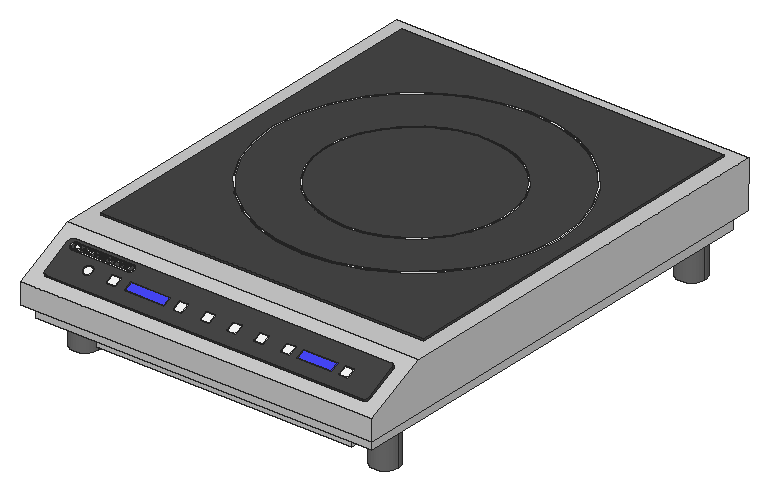
Revit family "QF_ADVENTYS_BRIC_3600_250901092752", category Specialty Equipment, Revit 2021
Family settings
  Round Connector Dimension = Use Diameter
  Part Type = Normal
  OmniClass Number = 23.40.40.14
  OmniClass Title = Food Service Equipment
  Work Plane-Based = No
  Always vertical = Yes
  Cut with Voids When Loaded = No
  Shared = No
  Room Calculation Point = No
Parameters (values of type "ADV2143")
  Weight in Pounds [instance] = 0
  Weight = 8.00 kg
  Warranty Start Date [instance] = ""
  Warranty Duration [instance] = ""
  Volts [instance] = 230 V
  URL Recommended Spares List = ""
  URL Manufacturer = ""
  URL Cutsheet = ""
  URL Critical Spares List = ""
  URL = "www.adventys.com"
  Tag Number [instance] = ""
  Status [instance] = ""
  Specification by User [instance] = ""
  Specification by Manufacturer [instance] = ""
  Sound Level [instance] = ""
  Solid Fuel Type [instance] = ""
  Service Life Duration [instance] = ""
  Serial Number [instance] = ""
  Seismic Rating [instance] = ""
  SMACNA No [instance] = ""
  Revision Code [instance] = ""
  Revision [instance] = ""
  Production Year [instance] = ""
  Point Load [instance] = 0
  Phase [instance] = 1
  Other Equipment Approvals [instance] = ""
  Number of Poles [instance] = 2
  NAFEM Spec ID Number [instance] = ""
  Model Warning [instance] = ""
  Model = "BRIC 3600"
  Min Ckt Ampacity [instance] = 0 A
  Max Overcurrent Protection [instance] = 25 A
  Masterspec [instance] = ""
  Manufacturer = "ADVENTYS"
  Length Actual = 392 mm
  Item Number [instance] = ""
  Installed By [instance] = ""
  Installation Date [instance] = ""
  Identify Quantity as Lot [instance] = no
  ID [instance] = ""
  Hygiene Approval [instance] = ""
  Hot Water Consumption = 0.0 L/s
  Height Actual = 110 mm
  HP power [instance] = ""
  Furnished By [instance] = ""
  Foodservice Equipment Identifier [instance] = no
  FL Amps [instance] = 16 A
  Electrical Remarks [instance] = "Plug not included"
  Electric power [instance] = 0 W
  Electric Connection Type [instance] = "Cord&Plug"
  Elec Conn RI Height [instance] = 0 mm
  Elec Conn Connection Height [instance] = 0 mm
  ETL Approved [instance] = no
  Description = "COUNTERTOP INDUCTION - 1 ZONE BRIC"
  Depth Actual = 526 mm
  Default Elevation = 0 mm
  Cycle [instance] = 50 Hz
  Cost = 0
  Conn Plug [instance] = ""
  Conn Conduit [instance] = no
  CSI MasterFormat [instance] = ""
  CE Approved [instance] = no
  Barcode [instance] = 0
  Author [instance] = ""
  Asset Identifier [instance] = ""
  Apparent Power [instance] = 3600 VA
  Accessory = no
Reference planes
  plane 1 "Center (Front/Back)": y = 0
  plane 2: z = 0
  plane 3 "Center (Left/Right)": x = 0
Forms (mm)
  Extrusion 1, solid, not visible
    sketch origin (306.015, -65.003, 33.002) x (1, 0, 0) y (0, 1, 0)
      loop
        line (-2, 2) -> (-2, -2) -> (2, -2) -> (2, 2) -> (-2, 2)
    from -2 to 2
Dimensions and locks
  locked: nested 2 to Extrusion 1 at 2  (x2)
  aligned and locked: level to plane 2
Nested families
  nested 1: "QF_ADVENTYS_ADV2142_2916" at (0, 0, 0), type "ADV2143"
    with Status "", Show Logo yes, Show Clearance yes
  nested 2: "CONN_POINT_ELE_2D___Generic_Annotation" at (306.015, -65.003, 31.002), type "CONN_POINT_ELE_2D___Generic_Annotation"
    with Onboard connection annotation symbol visibility yes
Connectors
  electrical at (306.015, -65.003, 31.002), driven by "Apparent Power", driven by "Number of Poles", driven by "Volts"
    settings: on Extrusion 1, index 1, voltage 230 V, apparent load 0 VA, apparent load phase1 3600 VA, apparent load phase2 0 VA, apparent load phase3 0 VA, power factor 1, load classification "Other", number of poles 2, system type 31, power factor state 1, is connector primary yes, connector utility no, sub classification motor no, connector description "Electrical connection for BRIC 3600"
Definition of nested family "QF_ADVENTYS_ADV2142_2916"
  Parameters (values of type "ADV2142")
    URL = "www.adventys.com"
    Status [instance] = ""
    Show Logo [instance] = yes
    Show Clearance [instance] = yes
    Model = "BRIC 3000"
    Manufacturer = "ADVENTYS"
    Description = "COUNTERTOP INDUCTION - 1 ZONE BRIC"
    Default Elevation = 0 mm
    Author = "SPECIFI"
    Assembly Code = "E1090320"
  Types (2, lengths in mm): name | Model
    ADV2142 | "BRIC 3000"
    ADV2143 | "BRIC 3600"
  Reference planes
    plane 1 "Back": y = 0
    plane 2: z = 0
    plane 3 "Left": x = 0
    plane 4 "Right": x = 392
    plane 5 "Front": y = -526
    plane 6 "Top": z = 110
  Forms (mm)
    Extrusion 1, solid
      sketch origin (0, 0, -883.509) x (1, 0, 0) y (0, 0, 1)
        loop
          line (8.753, 936.477) -> (8.753, 921.477) -> (385, 921.477) -> (385, 936.477) -> (8.753, 936.477)
      from 12.896 to 516
    Extrusion 2, solid
      sketch origin (100, 2.5, 12.991) x (1, 0, 0) y (0, 1, 0)
        loop
          circle (-70.046, -475.644) r 15
      from -12.991 to 24.977
    Extrusion 3, solid
      sketch origin (435, 2.5, 12.991) x (1, 0, 0) y (0, 1, 0)
        loop
          circle (-70.046, -475.644) r 15
      from -12.991 to 24.977
    Extrusion 4, solid
      sketch origin (435, 430, 12.991) x (1, 0, 0) y (0, 1, 0)
        loop
          circle (-70.046, -475.644) r 15
      from -12.991 to 24.977
    Extrusion 5, solid
      sketch origin (100, 430, 12.991) x (1, 0, 0) y (0, 1, 0)
        loop
          circle (-70.046, -475.644) r 15
      from -12.991 to 24.977
    Extrusion 6, solid
      sketch origin (0, 0, 12.991) x (1, 0, 0) y (0, 1, 0)
        loop
          line (15, -12.896) -> (15, -431.9) -> (375, -431.9) -> (375, -12.896) -> (15, -12.896)
      from 93.652 to 96
    Extrusion 7, solid
      sketch origin (0, 0, -891.009) x (0, 1, 0) y (0, 0, 1)
        loop
          line (-526, 967.017) -> (-526, 944) -> (0, 944) -> (0, 997.652) -> (-460.303, 997.652) -> (-526, 967.017)
      from 0 to 392
    Extrusion 8, solid
      sketch origin (0, 0, -891.009) x (1, 0, 0) y (0, 0, 1)
        loop
          line (55, 928.977) -> (55, 904) -> (340, 904) -> (340, 928.977) -> (55, 928.977)
      from 457.474 to 488.195
    Extrusion 9, solid
      sketch origin (0, 0, -891.009) x (0, 1, 0) y (0, 0, 1)
        loop
          line (-200.3, 928.977) -> (-200.3, 923.977) -> (-95.3, 923.977) -> (-95.3, 928.977) -> (-200.3, 928.977)
      from 55 to 340
    Extrusion 10, solid
      sketch origin (0, 0, -891.009) x (0, 1, 0) y (0, 0, 1)
        loop
          line (-80.3, 928.977) -> (-80.3, 923.977) -> (-50.3, 923.977) -> (-50.3, 928.977) -> (-80.3, 928.977)
      from 55 to 340
    Extrusion 11, solid
      sketch origin (-2.5, 5, 108.991) x (1, 0, 0) y (0, 1, 0)
        loop
          circle (198.23, -224.602) r 100
        loop
          circle (198.23, -224.602) r 99.375
      from 0 to 0.409
    Extrusion 12, solid
      sketch origin (0, 0, 108.991) x (1, 0, 0) y (0, 1, 0)
        loop
          circle (197.284, -219.602) r 160
        loop
          circle (197.284, -219.602) r 159.217
      from 0 to 1.009
    Extrusion 13, solid
      sketch origin (517.5, 23.75, 108.991) x (1, 0, 0) y (0, 1, 0)
        loop
          circle (-210.822, -88.987) r 15
      from -78.091 to -71.023
    Extrusion 14, solid
      sketch origin (41, -119.562, 107.771) x (1, 0, 0) y (0, 0.906286, 0.422665)
        loop
          arc (-21, -323.032) -> (-24.536, -324.496) -> (-26, -328.032) r 5
          line (-26, -328.032) -> (-26, -363.032)
          arc (-26, -363.032) -> (-24.536, -366.568) -> (-21, -368.032) r 5
          line (-21, -368.032) -> (331, -368.032)
          arc (331, -368.032) -> (334.536, -366.568) -> (336, -363.032) r 5
          line (336, -363.032) -> (336, -328.032)
          arc (336, -328.032) -> (334.536, -324.496) -> (331, -323.032) r 5
          line (331, -323.032) -> (-21, -323.032)
        loop
          circle (10.799, -348.029) r 5
        loop
          line (34.385, -344.032) -> (34.385, -352.032)
          arc (34.385, -352.032) -> (34.678, -352.739) -> (35.385, -353.032) r 1
          line (35.385, -353.032) -> (43.385, -353.032)
          arc (43.385, -353.032) -> (44.092, -352.739) -> (44.385, -352.032) r 1
          line (44.385, -352.032) -> (44.385, -344.032)
          arc (44.385, -344.032) -> (44.092, -343.325) -> (43.385, -343.032) r 1
          line (43.385, -343.032) -> (35.385, -343.032)
          arc (35.385, -343.032) -> (34.678, -343.325) -> (34.385, -344.032) r 1
        loop
          line (109.385, -344.032) -> (109.385, -352.032)
          arc (109.385, -352.032) -> (109.678, -352.739) -> (110.385, -353.032) r 1
          line (110.385, -353.032) -> (118.385, -353.032)
          arc (118.385, -353.032) -> (119.092, -352.739) -> (119.385, -352.032) r 1
          line (119.385, -352.032) -> (119.385, -344.032)
          arc (119.385, -344.032) -> (119.092, -343.325) -> (118.385, -343.032) r 1
          line (118.385, -343.032) -> (110.385, -343.032)
          arc (110.385, -343.032) -> (109.678, -343.325) -> (109.385, -344.032) r 1
        loop
          line (139.385, -344.032) -> (139.385, -352.032)
          arc (139.385, -352.032) -> (139.678, -352.739) -> (140.385, -353.032) r 1
          line (140.385, -353.032) -> (148.385, -353.032)
          arc (148.385, -353.032) -> (149.092, -352.739) -> (149.385, -352.032) r 1
          line (149.385, -352.032) -> (149.385, -344.032)
          arc (149.385, -344.032) -> (149.092, -343.325) -> (148.385, -343.032) r 1
          line (148.385, -343.032) -> (140.385, -343.032)
          arc (140.385, -343.032) -> (139.678, -343.325) -> (139.385, -344.032) r 1
        loop
          line (169.385, -344.032) -> (169.385, -352.032)
          arc (169.385, -352.032) -> (169.678, -352.739) -> (170.385, -353.032) r 1
          line (170.385, -353.032) -> (178.385, -353.032)
          arc (178.385, -353.032) -> (179.092, -352.739) -> (179.385, -352.032) r 1
          line (179.385, -352.032) -> (179.385, -344.032)
          arc (179.385, -344.032) -> (179.092, -343.325) -> (178.385, -343.032) r 1
          line (178.385, -343.032) -> (170.385, -343.032)
          arc (170.385, -343.032) -> (169.678, -343.325) -> (169.385, -344.032) r 1
        loop
          line (199.385, -344.032) -> (199.385, -352.032)
          arc (199.385, -352.032) -> (199.678, -352.739) -> (200.385, -353.032) r 1
          line (200.385, -353.032) -> (208.385, -353.032)
          arc (208.385, -353.032) -> (209.092, -352.739) -> (209.385, -352.032) r 1
          line (209.385, -352.032) -> (209.385, -344.032)
          arc (209.385, -344.032) -> (209.092, -343.325) -> (208.385, -343.032) r 1
          line (208.385, -343.032) -> (200.385, -343.032)
          arc (200.385, -343.032) -> (199.678, -343.325) -> (199.385, -344.032) r 1
        loop
          line (229.385, -344.032) -> (229.385, -352.032)
          arc (229.385, -352.032) -> (229.678, -352.739) -> (230.385, -353.032) r 1
          line (230.385, -353.032) -> (238.385, -353.032)
          arc (238.385, -353.032) -> (239.092, -352.739) -> (239.385, -352.032) r 1
          line (239.385, -352.032) -> (239.385, -344.032)
          arc (239.385, -344.032) -> (239.092, -343.325) -> (238.385, -343.032) r 1
          line (238.385, -343.032) -> (230.385, -343.032)
          arc (230.385, -343.032) -> (229.678, -343.325) -> (229.385, -344.032) r 1
        loop
          line (294.385, -344.032) -> (294.385, -352.032)
          arc (294.385, -352.032) -> (294.678, -352.739) -> (295.385, -353.032) r 1
          line (295.385, -353.032) -> (303.385, -353.032)
          arc (303.385, -353.032) -> (304.092, -352.739) -> (304.385, -352.032) r 1
          line (304.385, -352.032) -> (304.385, -344.032)
          arc (304.385, -344.032) -> (304.092, -343.325) -> (303.385, -343.032) r 1
          line (303.385, -343.032) -> (295.385, -343.032)
          arc (295.385, -343.032) -> (294.678, -343.325) -> (294.385, -344.032) r 1
        loop
          line (247.896, -343.032) -> (247.896, -353.032) -> (285.857, -353.032) -> (285.857, -343.032) -> (247.896, -343.032)
        loop
          line (55.396, -343.032) -> (55.396, -353.032) -> (98.982, -353.032) -> (98.982, -343.032) -> (55.396, -343.032)
      from 143 to 145
    Extrusion 15, solid
      sketch origin (41, -119.562, 107.771) x (1, 0, 0) y (0, 0.906286, 0.422665)
        loop
          circle (10.635, -348.032) r 5
        loop
          arc (35.385, -343.032) -> (34.678, -343.325) -> (34.385, -344.032) r 1
          line (34.385, -344.032) -> (34.385, -352.032)
          arc (34.385, -352.032) -> (34.678, -352.739) -> (35.385, -353.032) r 1
          line (35.385, -353.032) -> (43.385, -353.032)
          arc (43.385, -353.032) -> (44.092, -352.739) -> (44.385, -352.032) r 1
          line (44.385, -352.032) -> (44.385, -344.032)
          arc (44.385, -344.032) -> (44.092, -343.325) -> (43.385, -343.032) r 1
          line (43.385, -343.032) -> (35.385, -343.032)
        loop
          arc (110.385, -343.032) -> (109.678, -343.325) -> (109.385, -344.032) r 1
          line (109.385, -344.032) -> (109.385, -352.032)
          arc (109.385, -352.032) -> (109.678, -352.739) -> (110.385, -353.032) r 1
          line (110.385, -353.032) -> (118.385, -353.032)
          arc (118.385, -353.032) -> (119.092, -352.739) -> (119.385, -352.032) r 1
          line (119.385, -352.032) -> (119.385, -344.032)
          arc (119.385, -344.032) -> (119.092, -343.325) -> (118.385, -343.032) r 1
          line (118.385, -343.032) -> (110.385, -343.032)
        loop
          arc (140.385, -343.032) -> (139.678, -343.325) -> (139.385, -344.032) r 1
          line (139.385, -344.032) -> (139.385, -352.032)
          arc (139.385, -352.032) -> (139.678, -352.739) -> (140.385, -353.032) r 1
          line (140.385, -353.032) -> (148.385, -353.032)
          arc (148.385, -353.032) -> (149.092, -352.739) -> (149.385, -352.032) r 1
          line (149.385, -352.032) -> (149.385, -344.032)
          arc (149.385, -344.032) -> (149.092, -343.325) -> (148.385, -343.032) r 1
          line (148.385, -343.032) -> (140.385, -343.032)
        loop
          arc (170.385, -343.032) -> (169.678, -343.325) -> (169.385, -344.032) r 1
          line (169.385, -344.032) -> (169.385, -352.032)
          arc (169.385, -352.032) -> (169.678, -352.739) -> (170.385, -353.032) r 1
          line (170.385, -353.032) -> (178.385, -353.032)
          arc (178.385, -353.032) -> (179.092, -352.739) -> (179.385, -352.032) r 1
          line (179.385, -352.032) -> (179.385, -344.032)
          arc (179.385, -344.032) -> (179.092, -343.325) -> (178.385, -343.032) r 1
          line (178.385, -343.032) -> (170.385, -343.032)
        loop
          arc (200.385, -343.032) -> (199.678, -343.325) -> (199.385, -344.032) r 1
          line (199.385, -344.032) -> (199.385, -352.032)
          arc (199.385, -352.032) -> (199.678, -352.739) -> (200.385, -353.032) r 1
          line (200.385, -353.032) -> (208.385, -353.032)
          arc (208.385, -353.032) -> (209.092, -352.739) -> (209.385, -352.032) r 1
          line (209.385, -352.032) -> (209.385, -344.032)
          arc (209.385, -344.032) -> (209.092, -343.325) -> (208.385, -343.032) r 1
          line (208.385, -343.032) -> (200.385, -343.032)
        loop
          arc (230.385, -343.032) -> (229.678, -343.325) -> (229.385, -344.032) r 1
          line (229.385, -344.032) -> (229.385, -352.032)
          arc (229.385, -352.032) -> (229.678, -352.739) -> (230.385, -353.032) r 1
          line (230.385, -353.032) -> (238.385, -353.032)
          arc (238.385, -353.032) -> (239.092, -352.739) -> (239.385, -352.032) r 1
          line (239.385, -352.032) -> (239.385, -344.032)
          arc (239.385, -344.032) -> (239.092, -343.325) -> (238.385, -343.032) r 1
          line (238.385, -343.032) -> (230.385, -343.032)
        loop
          arc (295.385, -343.032) -> (294.678, -343.325) -> (294.385, -344.032) r 1
          line (294.385, -344.032) -> (294.385, -352.032)
          arc (294.385, -352.032) -> (294.678, -352.739) -> (295.385, -353.032) r 1
          line (295.385, -353.032) -> (303.385, -353.032)
          arc (303.385, -353.032) -> (304.092, -352.739) -> (304.385, -352.032) r 1
          line (304.385, -352.032) -> (304.385, -344.032)
          arc (304.385, -344.032) -> (304.092, -343.325) -> (303.385, -343.032) r 1
          line (303.385, -343.032) -> (295.385, -343.032)
      from 143 to 145
    Extrusion 16, solid, visible <- "Show Logo"
      sketch origin (-63.557, -21.21, 118.584) x (1, 0, 0) y (0, 0.906286, 0.422665)
        loop
          arc (88.581, -421.313) -> (88.113, -421.507) -> (87.92, -421.974) r 0.661
          line (87.92, -421.974) -> (87.92, -423.61)
          arc (87.92, -423.61) -> (88.124, -424.087) -> (88.609, -424.27) r 0.661
          line (88.609, -424.27) -> (88.609, -423.032)
          arc (88.609, -423.032) -> (88.952, -422.351) -> (89.662, -422.077) r 1.058
          line (89.662, -422.077) -> (92.486, -422.077)
          arc (92.486, -422.077) -> (92.335, -421.544) -> (91.833, -421.313) r 0.661
          line (91.833, -421.313) -> (88.581, -421.313)
        loop
          arc (88.581, -420.916) -> (87.833, -421.226) -> (87.523, -421.974) r 1.058
          line (87.523, -421.974) -> (87.523, -423.61)
          arc (87.523, -423.61) -> (87.843, -424.368) -> (88.609, -424.667) r 1.058
          arc (88.609, -424.667) -> (88.88, -425.483) -> (89.667, -425.828) r 1.058
          arc (89.667, -425.828) -> (89.974, -426.583) -> (90.725, -426.896) r 1.058
          line (90.725, -426.896) -> (93.719, -426.896)
          arc (93.719, -426.896) -> (94.467, -426.586) -> (94.777, -425.838) r 1.058
          line (94.777, -425.838) -> (94.777, -424.306)
          arc (94.777, -424.306) -> (94.463, -423.554) -> (93.708, -423.248) r 1.058
          arc (93.708, -423.248) -> (93.515, -422.517) -> (92.883, -422.101) r 1.058
          arc (92.883, -422.101) -> (92.625, -421.273) -> (91.833, -420.916) r 1.058
          line (91.833, -420.916) -> (88.581, -420.916)
        loop
          arc (93.719, -426.499) -> (94.187, -426.306) -> (94.38, -425.838) r 0.661
          line (94.38, -425.838) -> (94.38, -424.306)
          arc (94.38, -424.306) -> (94.185, -423.837) -> (93.714, -423.645) r 0.661
          line (93.714, -423.645) -> (93.714, -424.77)
          arc (93.714, -424.77) -> (93.404, -425.518) -> (92.656, -425.828) r 1.058
          line (92.656, -425.828) -> (90.064, -425.828)
          arc (90.064, -425.828) -> (90.254, -426.302) -> (90.725, -426.499) r 0.661
          line (90.725, -426.499) -> (93.719, -426.499)
        loop
          arc (95.546, -425.156) -> (95.587, -425.684) -> (96.116, -425.67) r 0.384
          line (96.116, -425.67) -> (96.845, -424.94) -> (99.743, -424.94) -> (100.472, -425.67)
          arc (100.472, -425.67) -> (101.001, -425.684) -> (101.042, -425.156) r 0.384
          line (101.042, -425.156) -> (98.294, -421.762) -> (95.546, -425.156)
        loop
          line (98.294, -423.127) -> (97.364, -424.275) -> (99.224, -424.275) -> (98.294, -423.127)
        loop
          line (102.315, -421.827) -> (102.315, -425.732) -> (105.995, -425.732)
          arc (105.995, -425.732) -> (107.947, -423.78) -> (105.995, -421.827) r 1.953
          line (105.995, -421.827) -> (102.315, -421.827)
        loop
          line (105.995, -422.854) -> (103.343, -422.854) -> (103.343, -424.705) -> (105.995, -424.705)
          arc (105.995, -424.705) -> (106.92, -423.78) -> (105.995, -422.854) r 0.925
        loop
          arc (109.84, -422.053) -> (109.312, -422.039) -> (109.27, -422.566) r 0.384
          line (109.27, -422.566) -> (112.019, -425.961) -> (114.767, -422.566)
          arc (114.767, -422.566) -> (114.725, -422.039) -> (114.197, -422.053) r 0.384
          line (114.197, -422.053) -> (112.019, -424.743) -> (109.84, -422.053)
        loop
          line (121.269, -421.781) -> (116.07, -421.781) -> (116.07, -425.732) -> (121.269, -425.732)
          arc (121.269, -425.732) -> (121.671, -425.331) -> (121.269, -424.93) r 0.401
          line (121.269, -424.93) -> (116.972, -424.93) -> (116.972, -424.139) -> (121.269, -424.139)
          arc (121.269, -424.139) -> (121.633, -423.775) -> (121.269, -423.412) r 0.363
          line (121.269, -423.412) -> (116.972, -423.412) -> (116.972, -422.583) -> (121.269, -422.583)
          arc (121.269, -422.583) -> (121.671, -422.182) -> (121.269, -421.781) r 0.401
        loop
          line (122.879, -422.331) -> (122.879, -425.274)
          arc (122.879, -425.274) -> (123.306, -425.701) -> (123.733, -425.274) r 0.427
          line (123.733, -425.274) -> (123.733, -423.122) -> (127.538, -425.5)
          arc (127.538, -425.5) -> (128.155, -425.516) -> (128.468, -424.984) r 0.608
          line (128.468, -424.984) -> (128.468, -422.254)
          arc (128.468, -422.254) -> (128.018, -421.804) -> (127.568, -422.254) r 0.45
          line (127.568, -422.254) -> (127.568, -424.337) -> (123.663, -421.897)
          arc (123.663, -421.897) -> (123.143, -421.883) -> (122.879, -422.331) r 0.513
        loop
          arc (130.273, -421.857) -> (129.778, -422.352) -> (130.273, -422.846) r 0.494
          line (130.273, -422.846) -> (132.065, -422.846) -> (132.065, -425.082)
          arc (132.065, -425.082) -> (132.54, -425.558) -> (133.016, -425.082) r 0.475
          line (133.016, -425.082) -> (133.016, -422.846) -> (134.724, -422.846)
          arc (134.724, -422.846) -> (135.218, -422.352) -> (134.724, -421.857) r 0.494
          line (134.724, -421.857) -> (130.273, -421.857)
        loop
          line (139.461, -423.175) -> (137.5, -421.853)
          arc (137.5, -421.853) -> (136.836, -421.982) -> (136.965, -422.646) r 0.479
          line (136.965, -422.646) -> (138.926, -423.969) -> (138.926, -425.108)
          arc (138.926, -425.108) -> (139.461, -425.643) -> (139.997, -425.108) r 0.535
          line (139.997, -425.108) -> (139.997, -423.969) -> (141.958, -422.646)
          arc (141.958, -422.646) -> (142.087, -421.982) -> (141.423, -421.853) r 0.479
          line (141.423, -421.853) -> (139.461, -423.175)
        loop
          line (148.501, -421.857) -> (144.795, -421.857)
          arc (144.795, -421.857) -> (143.661, -422.991) -> (144.795, -424.125) r 1.134
          line (144.795, -424.125) -> (147.852, -424.125)
          arc (147.852, -424.125) -> (148.265, -424.538) -> (147.852, -424.951) r 0.413
          line (147.852, -424.951) -> (144.128, -424.951)
          arc (144.128, -424.951) -> (143.786, -425.292) -> (144.128, -425.634) r 0.342
          line (144.128, -425.634) -> (148.218, -425.634)
          arc (148.218, -425.634) -> (148.994, -424.394) -> (147.885, -423.44) r 1.122
          line (147.885, -423.44) -> (144.736, -423.44)
          arc (144.736, -423.44) -> (144.286, -422.99) -> (144.736, -422.541) r 0.45
          line (144.736, -422.541) -> (148.501, -422.541)
          arc (148.501, -422.541) -> (148.843, -422.199) -> (148.501, -421.857) r 0.342
        loop
          arc (87.442, -420.162) -> (83.674, -423.931) -> (87.442, -427.699) r 3.769
          line (87.442, -427.699) -> (150.103, -427.699)
          arc (150.103, -427.699) -> (153.872, -423.931) -> (150.103, -420.162) r 3.769
          line (150.103, -420.162) -> (87.442, -420.162)
        loop
          arc (87.442, -419.771) -> (83.283, -423.931) -> (87.442, -428.091) r 4.16
          line (87.442, -428.091) -> (150.103, -428.091)
          arc (150.103, -428.091) -> (154.263, -423.931) -> (150.103, -419.771) r 4.16
          line (150.103, -419.771) -> (87.442, -419.771)
      from 176.77 to 176.97
    Extrusion 17, solid
      sketch origin (61, -119.562, 107.771) x (1, 0, 0) y (0, 0.906286, 0.422665)
        loop
          line (35.396, -343.032) -> (35.396, -353.032) -> (78.982, -353.032) -> (78.982, -343.032) -> (35.396, -343.032)
        loop
          line (227.896, -343.032) -> (227.896, -353.032) -> (265.857, -353.032) -> (265.857, -343.032) -> (227.896, -343.032)
      from 143 to 145
    Extrusion 18, void
      sketch origin (0, 0, 0) x (1, 0, 0) y (0, 1, 0)
        loop
          line (392, 0) -> (0, 0) -> (0, -526) -> (392, -526) -> (392, 0)
      from 0 to 52.969
  Lines and regions (mm)
    symbolic lines
      curve 1: line (0, 0, 96.25) -> (392, 0, 96.25)
      curve 2: line (392, 0, 96.25) -> (392, -526, 96.25)
      curve 3: line (392, -526, 96.25) -> (0, -526, 96.25)
      curve 4: line (0, -526, 96.25) -> (0, 0, 96.25)
      curve 5: line (0, -460.338, 96.25) -> (392, -460.338, 96.25)
      curve 6: line (15, -12.896, 96.25) -> (375, -12.896, 96.25)
      curve 7: line (15, -431.9, 96.25) -> (15, -12.896, 96.25)
      curve 8: line (375, -431.9, 96.25) -> (15, -431.9, 96.25)
      curve 9: line (375, -12.896, 96.25) -> (375, -431.9, 96.25)
      curve 10: arc (295.105, -219.602, 96.25) -> (195.73, -318.977, 96.25) -> (96.355, -219.602, 96.25) r 99.375
      curve 11: arc (295.73, -219.602, 96.25) -> (195.73, -119.602, 96.25) -> (95.73, -219.602, 96.25) r 100
      curve 12: arc (357.284, -219.602, 96.25) -> (197.284, -59.602, 96.25) -> (37.284, -219.602, 96.25) r 160
      curve 13: arc (37.284, -219.602, 96.25) -> (197.284, -379.602, 96.25) -> (357.284, -219.602, 96.25) r 160
      curve 14: spline (20, -473.608, 0) -> (19.347, -473.647, 0) -> (18.706, -473.763, 0) -> (18.087, -473.953, 0) -> (17.5, -474.215, 0) -> (16.956, -474.545, 0) -> (16.464, -474.935, 0) -> (16.033, -475.381, 0) -> (15.67, -475.874, 0) -> (15.381, -476.405, 0) -> (15.17, -476.967, 0) -> (15.043, -477.548, 0) -> (15, -478.14, 0)
      curve 15: line (15, -478.14, 0) -> (15, -509.86, 0)
      curve 16: line (372, -473.608, 0) -> (20, -473.608, 0)
      curve 17: spline (15, -509.86, 0) -> (15.043, -510.451, 0) -> (15.17, -511.032, 0) -> (15.381, -511.594, 0) -> (15.67, -512.125, 0) -> (16.033, -512.618, 0) -> (16.464, -513.064, 0) -> (16.956, -513.455, 0) -> (17.5, -513.784, 0) -> (18.087, -514.046, 0) -> (18.706, -514.237, 0) -> (19.347, -514.352, 0) -> (20, -514.391, 0)
      curve 18: line (20, -514.391, 0) -> (372, -514.391, 0)
      curve 19: spline (372, -514.391, 0) -> (372.653, -514.352, 0) -> (373.294, -514.237, 0) -> (373.913, -514.046, 0) -> (374.5, -513.784, 0) -> (375.044, -513.455, 0) -> (375.536, -513.064, 0) -> (375.967, -512.618, 0) -> (376.33, -512.125, 0) -> (376.619, -511.594, 0) -> (376.83, -511.032, 0) -> (376.957, -510.451, 0) -> (377, -509.86, 0)
      curve 20: line (377, -509.86, 0) -> (377, -478.14, 0)
      curve 21: spline (377, -478.14, 0) -> (376.957, -477.548, 0) -> (376.83, -476.967, 0) -> (376.619, -476.405, 0) -> (376.33, -475.874, 0) -> (375.967, -475.381, 0) -> (375.536, -474.935, 0) -> (375.044, -474.545, 0) -> (374.5, -474.215, 0) -> (373.913, -473.953, 0) -> (373.294, -473.763, 0) -> (372.653, -473.647, 0) -> (372, -473.608, 0)
      curve 22: line (344.385, -491.734, 0) -> (336.385, -491.734, 0)
      curve 23: spline (345.385, -492.64, 0) -> (345.376, -492.522, 0) -> (345.351, -492.406, 0) -> (345.309, -492.293, 0) -> (345.251, -492.187, 0) -> (345.178, -492.088, 0) -> (345.092, -491.999, 0) -> (344.993, -491.921, 0) -> (344.885, -491.855, 0) -> (344.767, -491.803, 0) -> (344.643, -491.765, 0) -> (344.515, -491.742, 0) -> (344.385, -491.734, 0)
      curve 24: line (345.385, -499.89, 0) -> (345.385, -492.64, 0)
      curve 25: spline (344.385, -500.797, 0) -> (344.515, -500.789, 0) -> (344.643, -500.766, 0) -> (344.767, -500.728, 0) -> (344.885, -500.675, 0) -> (344.993, -500.609, 0) -> (345.092, -500.531, 0) -> (345.178, -500.442, 0) -> (345.251, -500.344, 0) -> (345.309, -500.237, 0) -> (345.351, -500.125, 0) -> (345.376, -500.009, 0) -> (345.385, -499.89, 0)
      curve 26: line (336.385, -500.797, 0) -> (344.385, -500.797, 0)
      curve 27: spline (336.385, -500.797, 0) -> (336.254, -500.789, 0) -> (336.126, -500.766, 0) -> (336.002, -500.728, 0) -> (335.885, -500.675, 0) -> (335.776, -500.609, 0) -> (335.678, -500.531, 0) -> (335.591, -500.442, 0) -> (335.519, -500.344, 0) -> (335.461, -500.237, 0) -> (335.419, -500.125, 0) -> (335.393, -500.009, 0) -> (335.385, -499.89, 0)
      curve 28: line (335.385, -492.64, 0) -> (335.385, -499.89, 0)
      curve 29: spline (336.385, -491.734, 0) -> (336.254, -491.742, 0) -> (336.126, -491.765, 0) -> (336.002, -491.803, 0) -> (335.885, -491.855, 0) -> (335.776, -491.921, 0) -> (335.678, -491.999, 0) -> (335.591, -492.088, 0) -> (335.519, -492.187, 0) -> (335.461, -492.293, 0) -> (335.419, -492.406, 0) -> (335.393, -492.522, 0) -> (335.385, -492.64, 0)
      curve 30: line (326.857, -500.797, 0) -> (326.857, -491.734, 0)
      curve 31: line (326.857, -491.734, 0) -> (288.896, -491.734, 0)
      curve 32: line (288.896, -500.797, 0) -> (326.857, -500.797, 0)
      curve 33: line (288.896, -491.734, 0) -> (288.896, -500.797, 0)
      curve 34: spline (46.635, -496.265, 0) -> (46.805, -497.438, 0) -> (47.305, -498.531, 0) -> (48.099, -499.47, 0) -> (49.135, -500.19, 0) -> (50.341, -500.642, 0) -> (51.635, -500.797, 0) -> (52.929, -500.642, 0) -> (54.135, -500.19, 0) -> (55.17, -499.47, 0) -> (55.965, -498.531, 0) -> (56.464, -497.438, 0) -> (56.635, -496.265, 0)
      curve 35: spline (56.635, -496.265, 0) -> (56.464, -495.092, 0) -> (55.965, -494, 0) -> (55.17, -493.061, 0) -> (54.135, -492.341, 0) -> (52.929, -491.888, 0) -> (51.635, -491.734, 0) -> (50.341, -491.888, 0) -> (49.135, -492.341, 0) -> (48.099, -493.061, 0) -> (47.305, -494, 0) -> (46.805, -495.092, 0) -> (46.635, -496.265, 0)
      curve 36: line (279.385, -491.734, 0) -> (271.385, -491.734, 0)
      curve 37: spline (280.385, -492.64, 0) -> (280.376, -492.522, 0) -> (280.351, -492.406, 0) -> (280.309, -492.293, 0) -> (280.251, -492.187, 0) -> (280.178, -492.088, 0) -> (280.092, -491.999, 0) -> (279.993, -491.921, 0) -> (279.885, -491.855, 0) -> (279.767, -491.803, 0) -> (279.643, -491.765, 0) -> (279.515, -491.742, 0) -> (279.385, -491.734, 0)
      curve 38: line (280.385, -499.89, 0) -> (280.385, -492.64, 0)
      curve 39: spline (279.385, -500.797, 0) -> (279.515, -500.789, 0) -> (279.643, -500.766, 0) -> (279.767, -500.728, 0) -> (279.885, -500.675, 0) -> (279.993, -500.609, 0) -> (280.092, -500.531, 0) -> (280.178, -500.442, 0) -> (280.251, -500.344, 0) -> (280.309, -500.237, 0) -> (280.351, -500.125, 0) -> (280.376, -500.009, 0) -> (280.385, -499.89, 0)
      curve 40: line (271.385, -500.797, 0) -> (279.385, -500.797, 0)
      curve 41: spline (271.385, -500.797, 0) -> (271.254, -500.789, 0) -> (271.126, -500.766, 0) -> (271.002, -500.728, 0) -> (270.885, -500.675, 0) -> (270.776, -500.609, 0) -> (270.678, -500.531, 0) -> (270.591, -500.442, 0) -> (270.519, -500.344, 0) -> (270.461, -500.237, 0) -> (270.419, -500.125, 0) -> (270.393, -500.009, 0) -> (270.385, -499.89, 0)
      curve 42: line (270.385, -492.64, 0) -> (270.385, -499.89, 0)
      curve 43: spline (271.385, -491.734, 0) -> (271.254, -491.742, 0) -> (271.126, -491.765, 0) -> (271.002, -491.803, 0) -> (270.885, -491.855, 0) -> (270.776, -491.921, 0) -> (270.678, -491.999, 0) -> (270.591, -492.088, 0) -> (270.519, -492.187, 0) -> (270.461, -492.293, 0) -> (270.419, -492.406, 0) -> (270.393, -492.522, 0) -> (270.385, -492.64, 0)
      curve 44: line (249.385, -491.734, 0) -> (241.385, -491.734, 0)
      curve 45: spline (250.385, -492.64, 0) -> (250.376, -492.522, 0) -> (250.351, -492.406, 0) -> (250.309, -492.293, 0) -> (250.251, -492.187, 0) -> (250.178, -492.088, 0) -> (250.092, -491.999, 0) -> (249.993, -491.921, 0) -> (249.885, -491.855, 0) -> (249.767, -491.803, 0) -> (249.643, -491.765, 0) -> (249.515, -491.742, 0) -> (249.385, -491.734, 0)
      curve 46: line (250.385, -499.89, 0) -> (250.385, -492.64, 0)
      curve 47: spline (249.385, -500.797, 0) -> (249.515, -500.789, 0) -> (249.643, -500.766, 0) -> (249.767, -500.728, 0) -> (249.885, -500.675, 0) -> (249.993, -500.609, 0) -> (250.092, -500.531, 0) -> (250.178, -500.442, 0) -> (250.251, -500.344, 0) -> (250.309, -500.237, 0) -> (250.351, -500.125, 0) -> (250.376, -500.009, 0) -> (250.385, -499.89, 0)
      curve 48: line (241.385, -500.797, 0) -> (249.385, -500.797, 0)
      curve 49: spline (241.385, -500.797, 0) -> (241.254, -500.789, 0) -> (241.126, -500.766, 0) -> (241.002, -500.728, 0) -> (240.885, -500.675, 0) -> (240.776, -500.609, 0) -> (240.678, -500.531, 0) -> (240.591, -500.442, 0) -> (240.519, -500.344, 0) -> (240.461, -500.237, 0) -> (240.419, -500.125, 0) -> (240.393, -500.009, 0) -> (240.385, -499.89, 0)
      curve 50: line (240.385, -492.64, 0) -> (240.385, -499.89, 0)
      curve 51: spline (241.385, -491.734, 0) -> (241.254, -491.742, 0) -> (241.126, -491.765, 0) -> (241.002, -491.803, 0) -> (240.885, -491.855, 0) -> (240.776, -491.921, 0) -> (240.678, -491.999, 0) -> (240.591, -492.088, 0) -> (240.519, -492.187, 0) -> (240.461, -492.293, 0) -> (240.419, -492.406, 0) -> (240.393, -492.522, 0) -> (240.385, -492.64, 0)
      curve 52: line (219.385, -491.734, 0) -> (211.385, -491.734, 0)
      curve 53: spline (220.385, -492.64, 0) -> (220.376, -492.522, 0) -> (220.351, -492.406, 0) -> (220.309, -492.293, 0) -> (220.251, -492.187, 0) -> (220.178, -492.088, 0) -> (220.092, -491.999, 0) -> (219.993, -491.921, 0) -> (219.885, -491.855, 0) -> (219.767, -491.803, 0) -> (219.643, -491.765, 0) -> (219.515, -491.742, 0) -> (219.385, -491.734, 0)
      curve 54: line (220.385, -499.89, 0) -> (220.385, -492.64, 0)
      curve 55: spline (219.385, -500.797, 0) -> (219.515, -500.789, 0) -> (219.643, -500.766, 0) -> (219.767, -500.728, 0) -> (219.885, -500.675, 0) -> (219.993, -500.609, 0) -> (220.092, -500.531, 0) -> (220.178, -500.442, 0) -> (220.251, -500.344, 0) -> (220.309, -500.237, 0) -> (220.351, -500.125, 0) -> (220.376, -500.009, 0) -> (220.385, -499.89, 0)
      curve 56: line (211.385, -500.797, 0) -> (219.385, -500.797, 0)
      curve 57: spline (211.385, -500.797, 0) -> (211.254, -500.789, 0) -> (211.126, -500.766, 0) -> (211.002, -500.728, 0) -> (210.885, -500.675, 0) -> (210.776, -500.609, 0) -> (210.678, -500.531, 0) -> (210.591, -500.442, 0) -> (210.519, -500.344, 0) -> (210.461, -500.237, 0) -> (210.419, -500.125, 0) -> (210.393, -500.009, 0) -> (210.385, -499.89, 0)
      curve 58: line (210.385, -492.64, 0) -> (210.385, -499.89, 0)
      curve 59: spline (211.385, -491.734, 0) -> (211.254, -491.742, 0) -> (211.126, -491.765, 0) -> (211.002, -491.803, 0) -> (210.885, -491.855, 0) -> (210.776, -491.921, 0) -> (210.678, -491.999, 0) -> (210.591, -492.088, 0) -> (210.519, -492.187, 0) -> (210.461, -492.293, 0) -> (210.419, -492.406, 0) -> (210.393, -492.522, 0) -> (210.385, -492.64, 0)
      curve 60: line (189.385, -491.734, 0) -> (181.385, -491.734, 0)
      curve 61: spline (190.385, -492.64, 0) -> (190.376, -492.522, 0) -> (190.351, -492.406, 0) -> (190.309, -492.293, 0) -> (190.251, -492.187, 0) -> (190.178, -492.088, 0) -> (190.092, -491.999, 0) -> (189.993, -491.921, 0) -> (189.885, -491.855, 0) -> (189.767, -491.803, 0) -> (189.643, -491.765, 0) -> (189.515, -491.742, 0) -> (189.385, -491.734, 0)
      curve 62: line (190.385, -499.89, 0) -> (190.385, -492.64, 0)
      curve 63: spline (189.385, -500.797, 0) -> (189.515, -500.789, 0) -> (189.643, -500.766, 0) -> (189.767, -500.728, 0) -> (189.885, -500.675, 0) -> (189.993, -500.609, 0) -> (190.092, -500.531, 0) -> (190.178, -500.442, 0) -> (190.251, -500.344, 0) -> (190.309, -500.237, 0) -> (190.351, -500.125, 0) -> (190.376, -500.009, 0) -> (190.385, -499.89, 0)
      curve 64: line (181.385, -500.797, 0) -> (189.385, -500.797, 0)
      curve 65: spline (181.385, -500.797, 0) -> (181.254, -500.789, 0) -> (181.126, -500.766, 0) -> (181.002, -500.728, 0) -> (180.885, -500.675, 0) -> (180.776, -500.609, 0) -> (180.678, -500.531, 0) -> (180.591, -500.442, 0) -> (180.519, -500.344, 0) -> (180.461, -500.237, 0) -> (180.419, -500.125, 0) -> (180.393, -500.009, 0) -> (180.385, -499.89, 0)
      curve 66: line (180.385, -492.64, 0) -> (180.385, -499.89, 0)
      curve 67: spline (181.385, -491.734, 0) -> (181.254, -491.742, 0) -> (181.126, -491.765, 0) -> (181.002, -491.803, 0) -> (180.885, -491.855, 0) -> (180.776, -491.921, 0) -> (180.678, -491.999, 0) -> (180.591, -492.088, 0) -> (180.519, -492.187, 0) -> (180.461, -492.293, 0) -> (180.419, -492.406, 0) -> (180.393, -492.522, 0) -> (180.385, -492.64, 0)
      curve 68: line (159.385, -491.734, 0) -> (151.385, -491.734, 0)
      curve 69: spline (160.385, -492.64, 0) -> (160.376, -492.522, 0) -> (160.351, -492.406, 0) -> (160.309, -492.293, 0) -> (160.251, -492.187, 0) -> (160.178, -492.088, 0) -> (160.092, -491.999, 0) -> (159.993, -491.921, 0) -> (159.885, -491.855, 0) -> (159.767, -491.803, 0) -> (159.643, -491.765, 0) -> (159.515, -491.742, 0) -> (159.385, -491.734, 0)
      curve 70: line (160.385, -499.89, 0) -> (160.385, -492.64, 0)
      curve 71: spline (159.385, -500.797, 0) -> (159.515, -500.789, 0) -> (159.643, -500.766, 0) -> (159.767, -500.728, 0) -> (159.885, -500.675, 0) -> (159.993, -500.609, 0) -> (160.092, -500.531, 0) -> (160.178, -500.442, 0) -> (160.251, -500.344, 0) -> (160.309, -500.237, 0) -> (160.351, -500.125, 0) -> (160.376, -500.009, 0) -> (160.385, -499.89, 0)
      curve 72: line (151.385, -500.797, 0) -> (159.385, -500.797, 0)
      curve 73: spline (151.385, -500.797, 0) -> (151.254, -500.789, 0) -> (151.126, -500.766, 0) -> (151.002, -500.728, 0) -> (150.885, -500.675, 0) -> (150.776, -500.609, 0) -> (150.678, -500.531, 0) -> (150.591, -500.442, 0) -> (150.519, -500.344, 0) -> (150.461, -500.237, 0) -> (150.419, -500.125, 0) -> (150.393, -500.009, 0) -> (150.385, -499.89, 0)
      curve 74: line (150.385, -492.64, 0) -> (150.385, -499.89, 0)
      curve 75: spline (151.385, -491.734, 0) -> (151.254, -491.742, 0) -> (151.126, -491.765, 0) -> (151.002, -491.803, 0) -> (150.885, -491.855, 0) -> (150.776, -491.921, 0) -> (150.678, -491.999, 0) -> (150.591, -492.088, 0) -> (150.519, -492.187, 0) -> (150.461, -492.293, 0) -> (150.419, -492.406, 0) -> (150.393, -492.522, 0) -> (150.385, -492.64, 0)
      curve 76: line (84.385, -491.734, 0) -> (76.385, -491.734, 0)
      curve 77: spline (85.385, -492.64, 0) -> (85.376, -492.522, 0) -> (85.351, -492.406, 0) -> (85.309, -492.293, 0) -> (85.251, -492.187, 0) -> (85.178, -492.088, 0) -> (85.092, -491.999, 0) -> (84.993, -491.921, 0) -> (84.885, -491.855, 0) -> (84.767, -491.803, 0) -> (84.643, -491.765, 0) -> (84.515, -491.742, 0) -> (84.385, -491.734, 0)
      curve 78: line (85.385, -499.89, 0) -> (85.385, -492.64, 0)
      curve 79: spline (84.385, -500.797, 0) -> (84.515, -500.789, 0) -> (84.643, -500.766, 0) -> (84.767, -500.728, 0) -> (84.885, -500.675, 0) -> (84.993, -500.609, 0) -> (85.092, -500.531, 0) -> (85.178, -500.442, 0) -> (85.251, -500.344, 0) -> (85.309, -500.237, 0) -> (85.351, -500.125, 0) -> (85.376, -500.009, 0) -> (85.385, -499.89, 0)
      curve 80: line (76.385, -500.797, 0) -> (84.385, -500.797, 0)
      curve 81: spline (76.385, -500.797, 0) -> (76.254, -500.789, 0) -> (76.126, -500.766, 0) -> (76.002, -500.728, 0) -> (75.885, -500.675, 0) -> (75.776, -500.609, 0) -> (75.678, -500.531, 0) -> (75.591, -500.442, 0) -> (75.519, -500.344, 0) -> (75.461, -500.237, 0) -> (75.419, -500.125, 0) -> (75.393, -500.009, 0) -> (75.385, -499.89, 0)
      curve 82: line (75.385, -492.64, 0) -> (75.385, -499.89, 0)
      curve 83: spline (76.385, -491.734, 0) -> (76.254, -491.742, 0) -> (76.126, -491.765, 0) -> (76.002, -491.803, 0) -> (75.885, -491.855, 0) -> (75.776, -491.921, 0) -> (75.678, -491.999, 0) -> (75.591, -492.088, 0) -> (75.519, -492.187, 0) -> (75.461, -492.293, 0) -> (75.419, -492.406, 0) -> (75.393, -492.522, 0) -> (75.385, -492.64, 0)
      curve 84: line (139.982, -500.797, 0) -> (139.982, -491.734, 0)
      curve 85: line (139.982, -491.734, 0) -> (96.396, -491.734, 0)
      curve 86: line (96.396, -500.797, 0) -> (139.982, -500.797, 0)
      curve 87: line (96.396, -491.734, 0) -> (96.396, -500.797, 0)
  Dimensions and locks
    plane 5 "Front" to plane 1 "Back" = 526 mm
    plane 3 "Left" to plane 4 "Right" = 392 mm
    plane 6 "Top" to level = 110 mm
    aligned and locked: level to plane 2
Definition of nested family "CONN_POINT_ELE_2D___Generic_Annotation"
  Parameters (values of type "CONN_POINT_ELE_2D___Generic_Annotation")
    Onboard connection annotation symbol visibility [instance] = yes
  Reference planes
    plane 1: y = 0
    plane 2: x = 0
  Lines and regions (mm)
    detail lines, visible <- "Onboard connection annotation symbol visibility"
      curve 1: circle (0, 0, 0) r 0.5 normal (0, 0, 1)
      curve 2: line (-1, 0, 0) -> (1, 0, 0)
      curve 3: line (0, 1, 0) -> (0, -1, 0)
      curve 4: line (2.5, 1, 0) -> (1.25, 1, 0)
      curve 5: line (1.25, 1, 0) -> (1.25, -1, 0)
      curve 6: line (1.25, -1, 0) -> (2.5, -1, 0)
      curve 7: line (1.25, 0, 0) -> (2, 0, 0)
